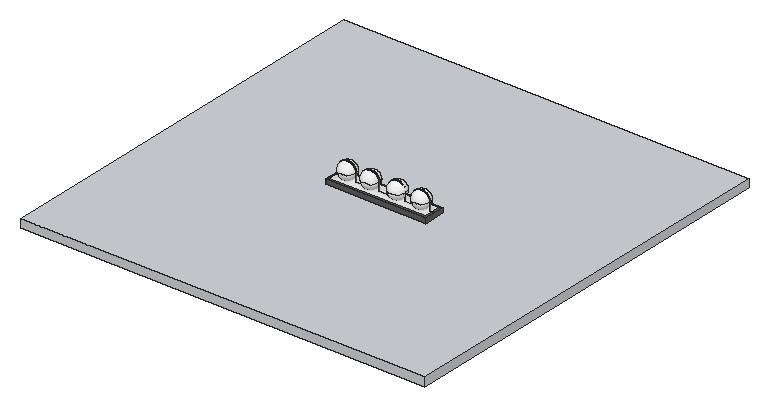
Revit family "P300313-031-30", category Lighting Fixtures, host Face, Revit 2021
Family settings
  Host = Face
  Round Connector Dimension = Use Diameter
  Part Type = Normal
  OmniClass Number = 23.80.70.11.14.17
  OmniClass Title = Direct/Indirect
  Cut with Voids When Loaded = No
  Light Source = No
  Shared = Yes
  Room Calculation Point = No
Parameters (values of type "P300313-031-30")
  Widh = 23.875"
  Watts = 24 W
  Wattage Comments = "24W"
  Warranty = "5 year Warranty"  # constant formula
  Voltage = 120 V
  URL = "https://www.hubbell.com/progresslighting/en"
  Product Link = "https://www.hubbell.com/progresslighting/en/Products/Lighting-Controls/Residential-Indoor-Lighting/LED/Pearl-LED-Collection-Four-Light-Matte-Black-Opal-Glass-LED-Modern-Style-Bath-Vanity-Light/p/6668810"
  Product Documentation Link = "https://hubbellcdn.com/specsheet/PROG_P300313-031-30_spec.pdf"
  Power Factor = 1
  Model = "P300313-031-30"  # constant formula
  Manufacturer = "Progress Lighting"  # constant formula
  Load Classification = Lighting
  Gold = Hubbell - Paint - Black
  Glass = Paint - Hubbell - White Texture
  Lamp = "LED"  # constant formula
  Housing Material = Hubbell - White Glass
  Fixture distribution = "Direct"  # constant formula
  Features = "Application: Combine elements of simple geometry with the Pearl LED Collection 4-Light Matte Black Opal Glass LED Modern Bath Vanity Light ideal for any entryway, hallway, foyer, bedroom, sitting room, living room, or bathroom.\r\nStyle: Perfect for contemporary and modern style settings.\r\nFinish: A rectangular frame and rounded metal bands combine in an elegant, streamlined design coated in a classic matte black finish with a reflective polished chrome backplate.\r\nMaterials: Constructed from steel to ensure a long product lifespan. Mount the wall light horizontally or vertically.\r\nGlass/Shade: Light sources illuminate opal glass shades that add an extra dimension to the design's modern aesthetic.\r\nBulbs: For ideal illumination, 4 integrated LED modules are included (24w). 3000K. 90CRI. 1692 delivered lumens. Dimmable.\r\nDimensions: Measures 23-7/8-inch length by 5-inch height by 5-1/2-inch depth.\r\nCertifications: cETLus damp location listed, meets California Title 24 JA8-2019.\r\nPairs With: Pairs with a variety of Progress Lighting fixtures.\r\nWarranty: Our 5-Year Limited Warranty guarantees your complete satisfaction with your purchase and includes professional after-sales customer service support."  # constant formula
  Description = "Pearl LED Collection Four-Light Matte Black Opal Glass LED Modern Style Bath Vanity Light"  # constant formula
  Default Elevation = 48.00"
  Copyright = " ©2021 Progress Lighting, a division of Hubbell Lighting, Inc"  # constant formula
  Contact = "https://www.hubbell.com/progresslighting/en/contactUs"
  Connector Description = "Lighting Connector"  # constant formula
  Assembly Code = "D5020200"
  Apparent Load = Watts / Power Factor  # 24 VA
Reference planes (in)
  plane 1 "Center (Front/Back)": y = 0
  plane 2: z = 0
  plane 3 "Center (Left/Right)": x = 0
  plane 4: y = -2.5
  plane 5: y = 2.5
  plane 6: x = 11.9375
  plane 7: x = -11.9375
  plane 8: z = 10.50759
  plane 9: z = 6.1811
Forms (in)
  Extrusion 1, solid
    sketch origin (0, 0, 0) x (1, 0, 0) y (0, 1, 0)
      loop
        line (-48, 48) -> (-48, -48) -> (48, -48) -> (48, 48) -> (-48, 48)
    from 0 to -2
  Extrusion 2, solid, material "Paint - Hubbell - White Texture" <- "Glass"
    sketch origin (0, 0, 0) x (1, 0, 0) y (0, 1, 0)
      loop
        line (-11.85523, 2.41773) -> (-11.85523, -2.41773) -> (11.85523, -2.41773) -> (11.85523, 2.41773) -> (-11.85523, 2.41773)
    from 0 to 1.1016
  Revolve 3, solid, material "Hubbell - White Glass" <- "Housing Material"
    sketch origin (0.1875, 0, 3) x (-1, 0, 0) y (0, -1, 0)
      loop
        arc (8.9375, -2) -> (10.9375, 0) -> (8.9375, 2) r 2
        line (8.9375, 2) -> (8.9375, -2)
      axis (8.9375, -2) -> (8.9375, 2)
    angle from 0 to 360
  Revolve 4, solid, material "Hubbell - White Glass" <- "Housing Material"
    sketch origin (-0.125, 0, 3) x (1, 0, 0) y (0, 1, 0)
      loop
        line (8.9375, 2) -> (8.9375, -2)
        arc (8.9375, -2) -> (10.9375, 0) -> (8.9375, 2) r 2
      axis (8.9375, 2) -> (8.9375, -2)
    angle from 0 to 360
  Sweep 5, solid, material "Hubbell - Paint - Black" <- "Gold"
    path origin (0, 0, -0.07031) x (1, 0, 0) y (0, 0, 1)
      loop
        line (-11.77003, 1.1516) -> (-10.77003, 1.1516) -> (-10.77003, 3.02869)
        arc (-10.77003, 3.02869) -> (-8.76003, 5.03869) -> (-6.75003, 3.02869) r 2.01
        line (-6.75003, 3.02869) -> (-6.75003, 1.1516) -> (-5.25778, 1.1516) -> (-5.25778, 3.02869)
        arc (-5.25778, 3.02869) -> (-3.24778, 5.03869) -> (-1.23778, 3.02869) r 2.01
        line (-1.23778, 3.02869) -> (-1.23778, 1.1516) -> (0.99222, 1.1516) -> (0.99222, 3.02869)
        arc (0.99222, 3.02869) -> (3.00222, 5.03869) -> (5.01222, 3.02869) r 2.01
        line (5.01222, 3.02869) -> (5.01222, 1.1516) -> (6.80472, 1.1516) -> (6.80472, 3.02869)
        arc (6.80472, 3.02869) -> (8.81472, 5.03869) -> (10.82472, 3.02869) r 2.01
        line (10.82472, 3.02869) -> (10.82472, 1.1516) -> (11.77003, 1.1516)
    profile origin (-11.27003, 0, 1.08129) x (0, 0, 1) y (0, -1, 0)
      loop
        line (0, -0.09998) -> (0.05654, -0.09998) -> (0.05654, 0.10002) -> (0, 0.10002) -> (0, -0.09998)
  Sweep 6, solid, material "Hubbell - Paint - Black" <- "Gold"
    path origin (0, 0, 0) x (1, 0, 0) y (0, 1, 0)
      loop
        line (-11.9375, 2.5) -> (-11.9375, -2.5) -> (11.9375, -2.5) -> (11.9375, 2.5) -> (-11.9375, 2.5)
    profile origin (0, 2.5, 0) x (0, 1, 0) y (0, 0, 1)
      loop
        line (0, 0) -> (0, 1.1516) -> (-0.5, 1.1516) -> (-0.5, 1.1016) -> (-0.08227, 1.1016) -> (-0.08227, 0) -> (0, 0)
  Revolve 7, solid, material "Hubbell - White Glass" <- "Housing Material"
    sketch origin (-2.9375, 0, 3) x (1, 0, 0) y (0, 1, 0)
      loop
        line (6, 2) -> (6, -2)
        arc (6, -2) -> (8, 0) -> (6, 2) r 2
      axis (6, 2) -> (6, -2)
    angle from 0 to 360
  Revolve 8, solid, material "Hubbell - White Glass" <- "Housing Material"
    sketch origin (5.6875, 0, 3) x (-1, 0, 0) y (0, -1, 0)
      loop
        arc (8.9375, -2) -> (10.9375, 0) -> (8.9375, 2) r 2
        line (8.9375, 2) -> (8.9375, -2)
      axis (8.9375, -2) -> (8.9375, 2)
    angle from 0 to 360
Dimensions and locks (in)
  equal spacing: plane 4, plane 1 "Center (Front/Back)", plane 5
  plane 4 to plane 5 = 5.00"
  plane 6 to plane 7 = 23.875"  (x2)
  equal spacing: plane 6, plane 3 "Center (Left/Right)", plane 7
  "Widh": plane 7 to plane 6
  equal spacing: plane 7, plane 3 "Center (Left/Right)", plane 6
  aligned and locked: plane 2 to Extrusion 1
Automatic sketch dimensions
  Extrusion 1 sketch curve to Extrusion 1 sketch curve = 96.00"  (x2)
  plane 7 to Extrusion 2 sketch curve = 0.08227"
  Extrusion 2 sketch curve to plane 6 = 0.08227"
  Extrusion 2 sketch curve to plane 4 = 0.08227"
  plane 5 to Extrusion 2 sketch curve = 0.08227"
  plane 1 "Center (Front/Back)" to Revolve 3 sketch curve = 0.00"
  plane 5 to Revolve 3 sketch curve = 0.00"
  plane 7 to Revolve 3 sketch curve = 3.1875"  (x2)
  plane 5 to Revolve 3 sketch curve = 0.50"
  plane 4 to Revolve 3 sketch curve = 2.75"
  plane 1 "Center (Front/Back)" to Revolve 4 sketch curve = 0.00"
  plane 5 to Revolve 4 sketch curve = 0.00"
  Revolve 4 sketch curve to plane 6 = 3.125"  (x2)
  Revolve 4 sketch curve to plane 4 = 0.50"
  plane 4 to Revolve 4 sketch curve = 2.75"
  plane 4 to Sweep 6 sketch curve = 0.00"
  Sweep 6 sketch curve to plane 7 = 0.00"
  Sweep 6 sketch curve to plane 6 = 0.00"
  plane 5 to Sweep 6 sketch curve = 0.00"
  Sweep 6 sketch curve to level = 0.00"
  Sweep 6 sketch curve to profile plane = 0.00"
  profile plane to Sweep 6 sketch curve = 0.08227"
  Sweep 6 sketch curve to Sweep 6 sketch curve = 0.41773"
  level to Sweep 6 sketch curve = 1.1016"
  Sweep 6 sketch curve to Sweep 6 sketch curve = 0.05"
  plane 1 "Center (Front/Back)" to Revolve 7 sketch curve = 0.00"
  plane 5 to Revolve 7 sketch curve = 0.00"
  plane 3 "Center (Left/Right)" to Revolve 7 sketch curve = 3.0625"  (x2)
  Revolve 7 sketch curve to plane 4 = 0.50"
  plane 4 to Revolve 7 sketch curve = 2.75"
  plane 1 "Center (Front/Back)" to Revolve 8 sketch curve = 0.00"
  plane 5 to Revolve 8 sketch curve = 0.00"
  Revolve 8 sketch curve to plane 3 "Center (Left/Right)" = 3.25"
  plane 5 to Revolve 8 sketch curve = 0.50"
  Revolve 8 sketch curve to Revolve 8 sketch curve = 0.00"
  plane 4 to Revolve 8 sketch curve = 2.75"
  profile plane to Sweep 5 sketch curve = 0.00"
  Sweep 5 sketch curve to Sweep 5 sketch curve = 0.05654"
  Sweep 5 sketch curve to plane 1 "Center (Front/Back)" = 0.09998"
  plane 1 "Center (Front/Back)" to Sweep 5 sketch curve = 0.10002"
  plane 7 to Sweep 5 sketch curve = 1.16747"
  Sweep 5 sketch curve to Sweep 5 sketch curve = 2.01"  (x4)
  Sweep 5 sketch curve to Sweep 5 sketch curve = 1.49225"
  plane 3 "Center (Left/Right)" to Sweep 5 sketch curve = 0.99222"
  Sweep 5 sketch curve to Sweep 5 sketch curve = 1.7925"
  level to Sweep 5 sketch curve = 1.08129"  (x5)
  Sweep 5 sketch curve to Sweep 5 sketch curve = 1.87709"  (x3)
  Sweep 5 sketch curve to Sweep 5 sketch curve = 0.00"
  plane 7 to Sweep 5 sketch curve = 0.16747"
  Sweep 5 sketch curve to plane 6 = 0.16747"
Nested families (in)
  nested 1: "Light Source" at (-8.59597, 0.09998, 5.25), type "Light Source"
  nested 2: "Light Source" at (8.15403, 0.09998, 5.25), type "Light Source"
  nested 3: "Light Source" at (2.66628, 0.09998, 5.25), type "Light Source"
  nested 4: "Light Source" at (-3.83372, 0.09998, 5.25), type "Light Source"
Connectors (in)
  electrical at (0, 0, 0), driven by "Connector Description", driven by "Power Factor", driven by "Apparent Load", driven by "Voltage"
    settings: on Sweep 6, index 1, voltage 120 V, apparent load 24 VA, apparent load phase1 0 VA, apparent load phase2 0 VA, apparent load phase3 0 VA, power factor 1, load classification "Other", number of poles 1, system type 30, power factor state 1, is connector primary yes, connector utility no, sub classification motor no, connector description "Lighting Connector"
Definition of nested family "Light Source"
  Parameters
    Wattage = 13 W
    built-in parameter 1150110 = 1 (stored number, unit not read)
    built-in parameter 1114217 = 1 (stored number, unit not read)
    Tilt Angle = 60.00°
    built-in parameter 1150109 = 1 (stored number, unit not read)
    built-in parameter 1150134 = 3
    built-in parameter 1150113 = 1 (stored number, unit not read)
    Photometric Web File = "generic"
    built-in parameter 1150142 = (empty or 0)
    built-in parameter 1150105 = 71.381 (stored number, unit not read)
    Lumens = 897 lm
    built-in parameter 1150115 = 1 (stored number, unit not read)
    built-in parameter 1150137 = (empty or 0)
    built-in parameter 1150139 = (empty or 0)
    built-in parameter 1150112 = 1 (stored number, unit not read)
    built-in parameter 1150114 = 1 (stored number, unit not read)
    built-in parameter 1150132 = (empty or 0)
    built-in parameter 1150102 = (empty or 0)
    built-in parameter 1150107 = 3200 (stored number, unit not read)
    built-in parameter 1150138 = (empty or 0)
    built-in parameter 1150106 = 0.71381 (stored number, unit not read)
    built-in parameter 1150104 = 6.4103 (stored number, unit not read)
    Dimming Lamp Color Temperature Shift = (empty or 0)
    Default Elevation = 0.00"
    Color Filter = 16777215
    built-in parameter 1114218 = 1 (stored number, unit not read)
    built-in parameter 1150133 = 10 (stored number, unit not read)
  Reference planes (in)
    plane 1 "Center (Front/Back)": y = 0
    plane 2: z = 0
    plane 3 "Center (Left/Right)": x = 0
  Dimensions and locks (in)
    aligned and locked: level to plane 2
